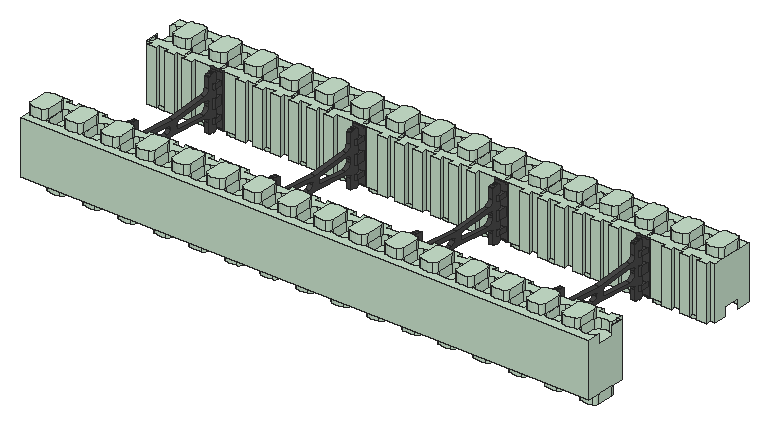
Revit family
Parameters (values of type "152 mm Height Adjuster")
  URL = "www.nudura.com"
  Overall Form Thickness = 285.8 mm
  Model = "152 mm Height Adjuster"
  Manufacturer = "NUDURA Corporation"
  Length = 812.8 mm
  Concrete Core Thickness = 152.4 mm
Reference planes
  plane 1 "Center (Front/Back)": y = 0
  plane 2: z = 0
  plane 3 "Center (Left/Right)": x = 0
Forms (mm)
  Extrusion 1, solid, material "EPS- NUDURA- Foam Panel"
    sketch origin (0, 0.22, 0) x (1, 0, 0) y (0, 1, 0)
      loop
        line (0, 60.325) -> (0, 0) -> (812.8, 0) -> (812.8, 60.325) -> (805.658, 60.325) -> (807.242, 66.675) -> (792.958, 66.675) -> (794.542, 60.325) -> (780.258, 60.325) -> (781.842, 66.675) -> (767.558, 66.675) -> (769.142, 60.325) -> (754.858, 60.325) -> (756.442, 66.675) -> (742.158, 66.675) -> (743.742, 60.325) -> (678.658, 60.325) -> (680.242, 66.675) -> (665.958, 66.675) -> (667.542, 60.325) -> (653.258, 60.325) -> (654.842, 66.675) -> (640.558, 66.675) -> (642.142, 60.325) -> (627.858, 60.325) -> (629.442, 66.675) -> (615.158, 66.675) -> (616.742, 60.325) -> (602.458, 60.325) -> (604.042, 66.675) -> (589.758, 66.675) -> (591.342, 60.325) -> (577.058, 60.325) -> (578.642, 66.675) -> (564.358, 66.675) -> (565.942, 60.325) -> (551.658, 60.325) -> (553.242, 66.675) -> (538.958, 66.675) -> (540.542, 60.325) -> (475.458, 60.325) -> (477.042, 66.675) -> (462.758, 66.675) -> (464.342, 60.325) -> (450.058, 60.325) -> (451.642, 66.675) -> (437.358, 66.675) -> (438.942, 60.325) -> (424.658, 60.325) -> (426.242, 66.675) -> (411.958, 66.675) -> (413.542, 60.325) -> (399.258, 60.325) -> (400.842, 66.675) -> (386.558, 66.675) -> (388.142, 60.325) -> (373.858, 60.325) -> (375.442, 66.675) -> (361.158, 66.675) -> (362.742, 60.325) -> (348.458, 60.325) -> (350.042, 66.675) -> (335.758, 66.675) -> (337.342, 60.325) -> (272.258, 60.325) -> (273.842, 66.675) -> (259.558, 66.675) -> (261.142, 60.325) -> (246.858, 60.325) -> (248.442, 66.675) -> (234.158, 66.675) -> (235.742, 60.325) -> (221.458, 60.325) -> (223.042, 66.675) -> (208.758, 66.675) -> (210.342, 60.325) -> (196.058, 60.325) -> (197.642, 66.675) -> (183.358, 66.675) -> (184.942, 60.325) -> (170.658, 60.325) -> (172.242, 66.675) -> (157.958, 66.675) -> (159.542, 60.325) -> (145.258, 60.325) -> (146.842, 66.675) -> (132.558, 66.675) -> (134.142, 60.325) -> (69.058, 60.325) -> (70.642, 66.675) -> (56.358, 66.675) -> (57.942, 60.325) -> (43.658, 60.325) -> (45.242, 66.675) -> (30.958, 66.675) -> (32.542, 60.325) -> (18.258, 60.325) -> (19.842, 66.675) -> (5.558, 66.675) -> (7.142, 60.325) -> (0, 60.325)
      loop
        line (0, 225.425) -> (7.142, 225.425) -> (5.558, 219.075) -> (19.842, 219.075) -> (18.258, 225.425) -> (32.542, 225.425) -> (30.958, 219.075) -> (45.242, 219.075) -> (43.658, 225.425) -> (57.942, 225.425) -> (56.358, 219.075) -> (70.642, 219.075) -> (69.058, 225.425) -> (134.142, 225.425) -> (132.558, 219.075) -> (146.842, 219.075) -> (145.258, 225.425) -> (159.542, 225.425) -> (157.958, 219.075) -> (172.242, 219.075) -> (170.658, 225.425) -> (184.942, 225.425) -> (183.358, 219.075) -> (197.642, 219.075) -> (196.058, 225.425) -> (210.342, 225.425) -> (208.758, 219.075) -> (223.042, 219.075) -> (221.458, 225.425) -> (235.742, 225.425) -> (234.158, 219.075) -> (248.442, 219.075) -> (246.858, 225.425) -> (261.142, 225.425) -> (259.558, 219.075) -> (273.842, 219.075) -> (272.258, 225.425) -> (337.342, 225.425) -> (335.758, 219.075) -> (350.042, 219.075) -> (348.458, 225.425) -> (362.742, 225.425) -> (361.158, 219.075) -> (375.442, 219.075) -> (373.858, 225.425) -> (388.142, 225.425) -> (386.558, 219.075) -> (400.842, 219.075) -> (399.258, 225.425) -> (413.542, 225.425) -> (411.958, 219.075) -> (426.242, 219.075) -> (424.658, 225.425) -> (438.942, 225.425) -> (437.358, 219.075) -> (451.642, 219.075) -> (450.058, 225.425) -> (464.342, 225.425) -> (462.758, 219.075) -> (477.042, 219.075) -> (475.458, 225.425) -> (540.542, 225.425) -> (538.958, 219.075) -> (553.242, 219.075) -> (551.658, 225.425) -> (565.942, 225.425) -> (564.358, 219.075) -> (578.642, 219.075) -> (577.058, 225.425) -> (591.342, 225.425) -> (589.758, 219.075) -> (604.042, 219.075) -> (602.458, 225.425) -> (616.742, 225.425) -> (615.158, 219.075) -> (629.442, 219.075) -> (627.858, 225.425) -> (642.142, 225.425) -> (640.558, 219.075) -> (654.842, 219.075) -> (653.258, 225.425) -> (667.542, 225.425) -> (665.958, 219.075) -> (680.242, 219.075) -> (678.658, 225.425) -> (743.742, 225.425) -> (742.158, 219.075) -> (756.442, 219.075) -> (754.858, 225.425) -> (769.142, 225.425) -> (767.558, 219.075) -> (781.842, 219.075) -> (780.258, 225.425) -> (794.542, 225.425) -> (792.958, 219.075) -> (807.242, 219.075) -> (805.658, 225.425) -> (812.8, 225.425) -> (812.8, 285.75) -> (0, 285.75) -> (0, 225.425)
    from 0 to 76.2
  Extrusion 2, void
    sketch origin (0, 0.22, 0) x (1, 0, 0) y (0, 1, 0)
      loop
        line (44.346, 56.046) -> (44.346, 50.418)
        arc (44.346, 50.418) -> (43.786, 49.207) -> (42.5, 48.851) r 1.587
        arc (42.5, 48.851) -> (36.091, 49.138) -> (29.796, 47.903) r 26.987
        arc (29.796, 47.903) -> (26.615, 45.597) -> (25.4, 41.861) r 6.35
        line (25.4, 41.861) -> (25.4, 18.464)
        arc (25.4, 18.464) -> (26.615, 14.728) -> (29.796, 12.422) r 6.35
        arc (29.796, 12.422) -> (38.1, 11.112) -> (46.404, 12.422) r 26.987
        arc (46.404, 12.422) -> (49.585, 14.728) -> (50.8, 18.464) r 6.35
        line (50.8, 18.464) -> (50.8, 41.861)
        arc (50.8, 41.861) -> (50.362, 44.179) -> (49.108, 46.177) r 6.35
        arc (49.108, 46.177) -> (48.795, 46.676) -> (48.685, 47.255) r 1.588
        line (48.685, 47.255) -> (48.685, 56.046) -> (44.346, 56.046)
    from 76.2 to 63.5
  Extrusion 3, void
    sketch origin (50.8, 0.22, 0) x (1, 0, 0) y (0, 1, 0)
      loop
        line (44.346, 56.046) -> (44.346, 50.418)
        arc (44.346, 50.418) -> (43.786, 49.207) -> (42.5, 48.851) r 1.587
        arc (42.5, 48.851) -> (36.091, 49.138) -> (29.796, 47.903) r 26.987
        arc (29.796, 47.903) -> (26.615, 45.597) -> (25.4, 41.861) r 6.35
        line (25.4, 41.861) -> (25.4, 18.464)
        arc (25.4, 18.464) -> (26.615, 14.728) -> (29.796, 12.422) r 6.35
        arc (29.796, 12.422) -> (38.1, 11.112) -> (46.404, 12.422) r 26.987
        arc (46.404, 12.422) -> (49.585, 14.728) -> (50.8, 18.464) r 6.35
        line (50.8, 18.464) -> (50.8, 41.861)
        arc (50.8, 41.861) -> (50.362, 44.179) -> (49.108, 46.177) r 6.35
        arc (49.108, 46.177) -> (48.795, 46.676) -> (48.685, 47.255) r 1.588
        line (48.685, 47.255) -> (48.685, 56.046) -> (44.346, 56.046)
    from 76.2 to 63.5
  Extrusion 4, void
    sketch origin (101.6, 0.22, 0) x (1, 0, 0) y (0, 1, 0)
      loop
        line (44.346, 56.046) -> (44.346, 50.418)
        arc (44.346, 50.418) -> (43.786, 49.207) -> (42.5, 48.851) r 1.587
        arc (42.5, 48.851) -> (36.091, 49.138) -> (29.796, 47.903) r 26.987
        arc (29.796, 47.903) -> (26.615, 45.597) -> (25.4, 41.861) r 6.35
        line (25.4, 41.861) -> (25.4, 18.464)
        arc (25.4, 18.464) -> (26.615, 14.728) -> (29.796, 12.422) r 6.35
        arc (29.796, 12.422) -> (38.1, 11.112) -> (46.404, 12.422) r 26.987
        arc (46.404, 12.422) -> (49.585, 14.728) -> (50.8, 18.464) r 6.35
        line (50.8, 18.464) -> (50.8, 41.861)
        arc (50.8, 41.861) -> (50.362, 44.179) -> (49.108, 46.177) r 6.35
        arc (49.108, 46.177) -> (48.795, 46.676) -> (48.685, 47.255) r 1.588
        line (48.685, 47.255) -> (48.685, 56.046) -> (44.346, 56.046)
    from 76.2 to 63.5
  Extrusion 5, void
    sketch origin (152.4, 0.22, 0) x (1, 0, 0) y (0, 1, 0)
      loop
        line (44.346, 56.046) -> (44.346, 50.418)
        arc (44.346, 50.418) -> (43.786, 49.207) -> (42.5, 48.851) r 1.587
        arc (42.5, 48.851) -> (36.091, 49.138) -> (29.796, 47.903) r 26.987
        arc (29.796, 47.903) -> (26.615, 45.597) -> (25.4, 41.861) r 6.35
        line (25.4, 41.861) -> (25.4, 18.464)
        arc (25.4, 18.464) -> (26.615, 14.728) -> (29.796, 12.422) r 6.35
        arc (29.796, 12.422) -> (38.1, 11.112) -> (46.404, 12.422) r 26.987
        arc (46.404, 12.422) -> (49.585, 14.728) -> (50.8, 18.464) r 6.35
        line (50.8, 18.464) -> (50.8, 41.861)
        arc (50.8, 41.861) -> (50.362, 44.179) -> (49.108, 46.177) r 6.35
        arc (49.108, 46.177) -> (48.795, 46.676) -> (48.685, 47.255) r 1.588
        line (48.685, 47.255) -> (48.685, 56.046) -> (44.346, 56.046)
    from 76.2 to 63.5
  Extrusion 6, void
    sketch origin (203.2, 0.22, 0) x (1, 0, 0) y (0, 1, 0)
      loop
        line (44.346, 56.046) -> (44.346, 50.418)
        arc (44.346, 50.418) -> (43.786, 49.207) -> (42.5, 48.851) r 1.587
        arc (42.5, 48.851) -> (36.091, 49.138) -> (29.796, 47.903) r 26.987
        arc (29.796, 47.903) -> (26.615, 45.597) -> (25.4, 41.861) r 6.35
        line (25.4, 41.861) -> (25.4, 18.464)
        arc (25.4, 18.464) -> (26.615, 14.728) -> (29.796, 12.422) r 6.35
        arc (29.796, 12.422) -> (38.1, 11.112) -> (46.404, 12.422) r 26.987
        arc (46.404, 12.422) -> (49.585, 14.728) -> (50.8, 18.464) r 6.35
        line (50.8, 18.464) -> (50.8, 41.861)
        arc (50.8, 41.861) -> (50.362, 44.179) -> (49.108, 46.177) r 6.35
        arc (49.108, 46.177) -> (48.795, 46.676) -> (48.685, 47.255) r 1.588
        line (48.685, 47.255) -> (48.685, 56.046) -> (44.346, 56.046)
    from 76.2 to 63.5
  Extrusion 7, void
    sketch origin (254, 0.22, 0) x (1, 0, 0) y (0, 1, 0)
      loop
        line (44.346, 56.046) -> (44.346, 50.418)
        arc (44.346, 50.418) -> (43.786, 49.207) -> (42.5, 48.851) r 1.587
        arc (42.5, 48.851) -> (36.091, 49.138) -> (29.796, 47.903) r 26.987
        arc (29.796, 47.903) -> (26.615, 45.597) -> (25.4, 41.861) r 6.35
        line (25.4, 41.861) -> (25.4, 18.464)
        arc (25.4, 18.464) -> (26.615, 14.728) -> (29.796, 12.422) r 6.35
        arc (29.796, 12.422) -> (38.1, 11.112) -> (46.404, 12.422) r 26.987
        arc (46.404, 12.422) -> (49.585, 14.728) -> (50.8, 18.464) r 6.35
        line (50.8, 18.464) -> (50.8, 41.861)
        arc (50.8, 41.861) -> (50.362, 44.179) -> (49.108, 46.177) r 6.35
        arc (49.108, 46.177) -> (48.795, 46.676) -> (48.685, 47.255) r 1.588
        line (48.685, 47.255) -> (48.685, 56.046) -> (44.346, 56.046)
    from 76.2 to 63.5
  Extrusion 8, void
    sketch origin (304.8, 0.22, 0) x (1, 0, 0) y (0, 1, 0)
      loop
        line (44.346, 56.046) -> (44.346, 50.418)
        arc (44.346, 50.418) -> (43.786, 49.207) -> (42.5, 48.851) r 1.587
        arc (42.5, 48.851) -> (36.091, 49.138) -> (29.796, 47.903) r 26.987
        arc (29.796, 47.903) -> (26.615, 45.597) -> (25.4, 41.861) r 6.35
        line (25.4, 41.861) -> (25.4, 18.464)
        arc (25.4, 18.464) -> (26.615, 14.728) -> (29.796, 12.422) r 6.35
        arc (29.796, 12.422) -> (38.1, 11.112) -> (46.404, 12.422) r 26.987
        arc (46.404, 12.422) -> (49.585, 14.728) -> (50.8, 18.464) r 6.35
        line (50.8, 18.464) -> (50.8, 41.861)
        arc (50.8, 41.861) -> (50.362, 44.179) -> (49.108, 46.177) r 6.35
        arc (49.108, 46.177) -> (48.795, 46.676) -> (48.685, 47.255) r 1.588
        line (48.685, 47.255) -> (48.685, 56.046) -> (44.346, 56.046)
    from 76.2 to 63.5
  Extrusion 9, void
    sketch origin (355.6, 0.22, 0) x (1, 0, 0) y (0, 1, 0)
      loop
        line (44.346, 56.046) -> (44.346, 50.418)
        arc (44.346, 50.418) -> (43.786, 49.207) -> (42.5, 48.851) r 1.587
        arc (42.5, 48.851) -> (36.091, 49.138) -> (29.796, 47.903) r 26.987
        arc (29.796, 47.903) -> (26.615, 45.597) -> (25.4, 41.861) r 6.35
        line (25.4, 41.861) -> (25.4, 18.464)
        arc (25.4, 18.464) -> (26.615, 14.728) -> (29.796, 12.422) r 6.35
        arc (29.796, 12.422) -> (38.1, 11.112) -> (46.404, 12.422) r 26.987
        arc (46.404, 12.422) -> (49.585, 14.728) -> (50.8, 18.464) r 6.35
        line (50.8, 18.464) -> (50.8, 41.861)
        arc (50.8, 41.861) -> (50.362, 44.179) -> (49.108, 46.177) r 6.35
        arc (49.108, 46.177) -> (48.795, 46.676) -> (48.685, 47.255) r 1.588
        line (48.685, 47.255) -> (48.685, 56.046) -> (44.346, 56.046)
    from 76.2 to 63.5
  Extrusion 10, void
    sketch origin (406.4, 0.22, 0) x (1, 0, 0) y (0, 1, 0)
      loop
        line (44.346, 56.046) -> (44.346, 50.418)
        arc (44.346, 50.418) -> (43.786, 49.207) -> (42.5, 48.851) r 1.587
        arc (42.5, 48.851) -> (36.091, 49.138) -> (29.796, 47.903) r 26.987
        arc (29.796, 47.903) -> (26.615, 45.597) -> (25.4, 41.861) r 6.35
        line (25.4, 41.861) -> (25.4, 18.464)
        arc (25.4, 18.464) -> (26.615, 14.728) -> (29.796, 12.422) r 6.35
        arc (29.796, 12.422) -> (38.1, 11.112) -> (46.404, 12.422) r 26.987
        arc (46.404, 12.422) -> (49.585, 14.728) -> (50.8, 18.464) r 6.35
        line (50.8, 18.464) -> (50.8, 41.861)
        arc (50.8, 41.861) -> (50.362, 44.179) -> (49.108, 46.177) r 6.35
        arc (49.108, 46.177) -> (48.795, 46.676) -> (48.685, 47.255) r 1.588
        line (48.685, 47.255) -> (48.685, 56.046) -> (44.346, 56.046)
    from 76.2 to 63.5
  Extrusion 11, void
    sketch origin (457.2, 0.22, 0) x (1, 0, 0) y (0, 1, 0)
      loop
        line (44.346, 56.046) -> (44.346, 50.418)
        arc (44.346, 50.418) -> (43.786, 49.207) -> (42.5, 48.851) r 1.587
        arc (42.5, 48.851) -> (36.091, 49.138) -> (29.796, 47.903) r 26.987
        arc (29.796, 47.903) -> (26.615, 45.597) -> (25.4, 41.861) r 6.35
        line (25.4, 41.861) -> (25.4, 18.464)
        arc (25.4, 18.464) -> (26.615, 14.728) -> (29.796, 12.422) r 6.35
        arc (29.796, 12.422) -> (38.1, 11.112) -> (46.404, 12.422) r 26.987
        arc (46.404, 12.422) -> (49.585, 14.728) -> (50.8, 18.464) r 6.35
        line (50.8, 18.464) -> (50.8, 41.861)
        arc (50.8, 41.861) -> (50.362, 44.179) -> (49.108, 46.177) r 6.35
        arc (49.108, 46.177) -> (48.795, 46.676) -> (48.685, 47.255) r 1.588
        line (48.685, 47.255) -> (48.685, 56.046) -> (44.346, 56.046)
    from 76.2 to 63.5
  Extrusion 12, void
    sketch origin (508, 0.22, 0) x (1, 0, 0) y (0, 1, 0)
      loop
        line (44.346, 56.046) -> (44.346, 50.418)
        arc (44.346, 50.418) -> (43.786, 49.207) -> (42.5, 48.851) r 1.587
        arc (42.5, 48.851) -> (36.091, 49.138) -> (29.796, 47.903) r 26.987
        arc (29.796, 47.903) -> (26.615, 45.597) -> (25.4, 41.861) r 6.35
        line (25.4, 41.861) -> (25.4, 18.464)
        arc (25.4, 18.464) -> (26.615, 14.728) -> (29.796, 12.422) r 6.35
        arc (29.796, 12.422) -> (38.1, 11.112) -> (46.404, 12.422) r 26.987
        arc (46.404, 12.422) -> (49.585, 14.728) -> (50.8, 18.464) r 6.35
        line (50.8, 18.464) -> (50.8, 41.861)
        arc (50.8, 41.861) -> (50.362, 44.179) -> (49.108, 46.177) r 6.35
        arc (49.108, 46.177) -> (48.795, 46.676) -> (48.685, 47.255) r 1.588
        line (48.685, 47.255) -> (48.685, 56.046) -> (44.346, 56.046)
    from 76.2 to 63.5
  Extrusion 13, void
    sketch origin (558.8, 0.22, 0) x (1, 0, 0) y (0, 1, 0)
      loop
        line (44.346, 56.046) -> (44.346, 50.418)
        arc (44.346, 50.418) -> (43.786, 49.207) -> (42.5, 48.851) r 1.587
        arc (42.5, 48.851) -> (36.091, 49.138) -> (29.796, 47.903) r 26.987
        arc (29.796, 47.903) -> (26.615, 45.597) -> (25.4, 41.861) r 6.35
        line (25.4, 41.861) -> (25.4, 18.464)
        arc (25.4, 18.464) -> (26.615, 14.728) -> (29.796, 12.422) r 6.35
        arc (29.796, 12.422) -> (38.1, 11.112) -> (46.404, 12.422) r 26.987
        arc (46.404, 12.422) -> (49.585, 14.728) -> (50.8, 18.464) r 6.35
        line (50.8, 18.464) -> (50.8, 41.861)
        arc (50.8, 41.861) -> (50.362, 44.179) -> (49.108, 46.177) r 6.35
        arc (49.108, 46.177) -> (48.795, 46.676) -> (48.685, 47.255) r 1.588
        line (48.685, 47.255) -> (48.685, 56.046) -> (44.346, 56.046)
    from 76.2 to 63.5
  Extrusion 14, void
    sketch origin (609.6, 0.22, 0) x (1, 0, 0) y (0, 1, 0)
      loop
        line (44.346, 56.046) -> (44.346, 50.418)
        arc (44.346, 50.418) -> (43.786, 49.207) -> (42.5, 48.851) r 1.587
        arc (42.5, 48.851) -> (36.091, 49.138) -> (29.796, 47.903) r 26.987
        arc (29.796, 47.903) -> (26.615, 45.597) -> (25.4, 41.861) r 6.35
        line (25.4, 41.861) -> (25.4, 18.464)
        arc (25.4, 18.464) -> (26.615, 14.728) -> (29.796, 12.422) r 6.35
        arc (29.796, 12.422) -> (38.1, 11.112) -> (46.404, 12.422) r 26.987
        arc (46.404, 12.422) -> (49.585, 14.728) -> (50.8, 18.464) r 6.35
        line (50.8, 18.464) -> (50.8, 41.861)
        arc (50.8, 41.861) -> (50.362, 44.179) -> (49.108, 46.177) r 6.35
        arc (49.108, 46.177) -> (48.795, 46.676) -> (48.685, 47.255) r 1.588
        line (48.685, 47.255) -> (48.685, 56.046) -> (44.346, 56.046)
    from 76.2 to 63.5
  Extrusion 15, void
    sketch origin (660.4, 0.22, 0) x (1, 0, 0) y (0, 1, 0)
      loop
        line (44.346, 56.046) -> (44.346, 50.418)
        arc (44.346, 50.418) -> (43.786, 49.207) -> (42.5, 48.851) r 1.587
        arc (42.5, 48.851) -> (36.091, 49.138) -> (29.796, 47.903) r 26.987
        arc (29.796, 47.903) -> (26.615, 45.597) -> (25.4, 41.861) r 6.35
        line (25.4, 41.861) -> (25.4, 18.464)
        arc (25.4, 18.464) -> (26.615, 14.728) -> (29.796, 12.422) r 6.35
        arc (29.796, 12.422) -> (38.1, 11.112) -> (46.404, 12.422) r 26.987
        arc (46.404, 12.422) -> (49.585, 14.728) -> (50.8, 18.464) r 6.35
        line (50.8, 18.464) -> (50.8, 41.861)
        arc (50.8, 41.861) -> (50.362, 44.179) -> (49.108, 46.177) r 6.35
        arc (49.108, 46.177) -> (48.795, 46.676) -> (48.685, 47.255) r 1.588
        line (48.685, 47.255) -> (48.685, 56.046) -> (44.346, 56.046)
    from 76.2 to 63.5
  Extrusion 16, void
    sketch origin (711.2, 0.22, 0) x (1, 0, 0) y (0, 1, 0)
      loop
        line (44.346, 56.046) -> (44.346, 50.418)
        arc (44.346, 50.418) -> (43.786, 49.207) -> (42.5, 48.851) r 1.587
        arc (42.5, 48.851) -> (36.091, 49.138) -> (29.796, 47.903) r 26.987
        arc (29.796, 47.903) -> (26.615, 45.597) -> (25.4, 41.861) r 6.35
        line (25.4, 41.861) -> (25.4, 18.464)
        arc (25.4, 18.464) -> (26.615, 14.728) -> (29.796, 12.422) r 6.35
        arc (29.796, 12.422) -> (38.1, 11.112) -> (46.404, 12.422) r 26.987
        arc (46.404, 12.422) -> (49.585, 14.728) -> (50.8, 18.464) r 6.35
        line (50.8, 18.464) -> (50.8, 41.861)
        arc (50.8, 41.861) -> (50.362, 44.179) -> (49.108, 46.177) r 6.35
        arc (49.108, 46.177) -> (48.795, 46.676) -> (48.685, 47.255) r 1.588
        line (48.685, 47.255) -> (48.685, 56.046) -> (44.346, 56.046)
    from 76.2 to 63.5
  Extrusion 17, void
    sketch origin (762, 0.22, 0) x (1, 0, 0) y (0, 1, 0)
      loop
        line (44.346, 56.046) -> (44.346, 50.418)
        arc (44.346, 50.418) -> (43.786, 49.207) -> (42.5, 48.851) r 1.587
        arc (42.5, 48.851) -> (36.091, 49.138) -> (29.796, 47.903) r 26.987
        arc (29.796, 47.903) -> (26.615, 45.597) -> (25.4, 41.861) r 6.35
        line (25.4, 41.861) -> (25.4, 18.464)
        arc (25.4, 18.464) -> (26.615, 14.728) -> (29.796, 12.422) r 6.35
        arc (29.796, 12.422) -> (38.1, 11.112) -> (46.404, 12.422) r 26.987
        arc (46.404, 12.422) -> (49.585, 14.728) -> (50.8, 18.464) r 6.35
        line (50.8, 18.464) -> (50.8, 41.861)
        arc (50.8, 41.861) -> (50.362, 44.179) -> (49.108, 46.177) r 6.35
        arc (49.108, 46.177) -> (48.795, 46.676) -> (48.685, 47.255) r 1.588
        line (48.685, 47.255) -> (48.685, 56.046) -> (44.346, 56.046)
    from 76.2 to 63.5
  Extrusion 18, void
    sketch origin (0, 0.22, 0) x (1, 0, 0) y (0, 1, 0)
      loop
        line (6.454, 56.046) -> (2.115, 56.046) -> (2.115, 47.255)
        arc (2.115, 47.255) -> (2.005, 46.676) -> (1.692, 46.177) r 1.588
        arc (1.692, 46.177) -> (0.438, 44.179) -> (0, 41.861) r 6.35
        line (0, 41.861) -> (0, 18.464)
        arc (0, 18.464) -> (1.215, 14.728) -> (4.396, 12.422) r 6.35
        arc (4.396, 12.422) -> (12.7, 11.112) -> (21.004, 12.422) r 26.987
        arc (21.004, 12.422) -> (24.185, 14.728) -> (25.4, 18.464) r 6.35
        line (25.4, 18.464) -> (25.4, 41.861)
        arc (25.4, 41.861) -> (24.185, 45.597) -> (21.004, 47.903) r 6.35
        arc (21.004, 47.903) -> (14.709, 49.138) -> (8.3, 48.851) r 26.987
        arc (8.3, 48.851) -> (7.014, 49.207) -> (6.454, 50.418) r 1.587
        line (6.454, 50.418) -> (6.454, 56.046)
    from 0 to 12.7
  Extrusion 19, void
    sketch origin (50.8, 0.22, 0) x (1, 0, 0) y (0, 1, 0)
      loop
        line (6.454, 56.046) -> (2.115, 56.046) -> (2.115, 47.255)
        arc (2.115, 47.255) -> (2.005, 46.676) -> (1.692, 46.177) r 1.588
        arc (1.692, 46.177) -> (0.438, 44.179) -> (0, 41.861) r 6.35
        line (0, 41.861) -> (0, 18.464)
        arc (0, 18.464) -> (1.215, 14.728) -> (4.396, 12.422) r 6.35
        arc (4.396, 12.422) -> (12.7, 11.112) -> (21.004, 12.422) r 26.987
        arc (21.004, 12.422) -> (24.185, 14.728) -> (25.4, 18.464) r 6.35
        line (25.4, 18.464) -> (25.4, 41.861)
        arc (25.4, 41.861) -> (24.185, 45.597) -> (21.004, 47.903) r 6.35
        arc (21.004, 47.903) -> (14.709, 49.138) -> (8.3, 48.851) r 26.987
        arc (8.3, 48.851) -> (7.014, 49.207) -> (6.454, 50.418) r 1.587
        line (6.454, 50.418) -> (6.454, 56.046)
    from 0 to 12.7
  Extrusion 20, void
    sketch origin (101.6, 0.22, 0) x (1, 0, 0) y (0, 1, 0)
      loop
        line (6.454, 56.046) -> (2.115, 56.046) -> (2.115, 47.255)
        arc (2.115, 47.255) -> (2.005, 46.676) -> (1.692, 46.177) r 1.588
        arc (1.692, 46.177) -> (0.438, 44.179) -> (0, 41.861) r 6.35
        line (0, 41.861) -> (0, 18.464)
        arc (0, 18.464) -> (1.215, 14.728) -> (4.396, 12.422) r 6.35
        arc (4.396, 12.422) -> (12.7, 11.112) -> (21.004, 12.422) r 26.987
        arc (21.004, 12.422) -> (24.185, 14.728) -> (25.4, 18.464) r 6.35
        line (25.4, 18.464) -> (25.4, 41.861)
        arc (25.4, 41.861) -> (24.185, 45.597) -> (21.004, 47.903) r 6.35
        arc (21.004, 47.903) -> (14.709, 49.138) -> (8.3, 48.851) r 26.987
        arc (8.3, 48.851) -> (7.014, 49.207) -> (6.454, 50.418) r 1.587
        line (6.454, 50.418) -> (6.454, 56.046)
    from 0 to 12.7
  Extrusion 21, void
    sketch origin (152.4, 0.22, 0) x (1, 0, 0) y (0, 1, 0)
      loop
        line (6.454, 56.046) -> (2.115, 56.046) -> (2.115, 47.255)
        arc (2.115, 47.255) -> (2.005, 46.676) -> (1.692, 46.177) r 1.588
        arc (1.692, 46.177) -> (0.438, 44.179) -> (0, 41.861) r 6.35
        line (0, 41.861) -> (0, 18.464)
        arc (0, 18.464) -> (1.215, 14.728) -> (4.396, 12.422) r 6.35
        arc (4.396, 12.422) -> (12.7, 11.112) -> (21.004, 12.422) r 26.987
        arc (21.004, 12.422) -> (24.185, 14.728) -> (25.4, 18.464) r 6.35
        line (25.4, 18.464) -> (25.4, 41.861)
        arc (25.4, 41.861) -> (24.185, 45.597) -> (21.004, 47.903) r 6.35
        arc (21.004, 47.903) -> (14.709, 49.138) -> (8.3, 48.851) r 26.987
        arc (8.3, 48.851) -> (7.014, 49.207) -> (6.454, 50.418) r 1.587
        line (6.454, 50.418) -> (6.454, 56.046)
    from 0 to 12.7
  Extrusion 22, void
    sketch origin (203.2, 0.22, 0) x (1, 0, 0) y (0, 1, 0)
      loop
        line (6.454, 56.046) -> (2.115, 56.046) -> (2.115, 47.255)
        arc (2.115, 47.255) -> (2.005, 46.676) -> (1.692, 46.177) r 1.588
        arc (1.692, 46.177) -> (0.438, 44.179) -> (0, 41.861) r 6.35
        line (0, 41.861) -> (0, 18.464)
        arc (0, 18.464) -> (1.215, 14.728) -> (4.396, 12.422) r 6.35
        arc (4.396, 12.422) -> (12.7, 11.112) -> (21.004, 12.422) r 26.987
        arc (21.004, 12.422) -> (24.185, 14.728) -> (25.4, 18.464) r 6.35
        line (25.4, 18.464) -> (25.4, 41.861)
        arc (25.4, 41.861) -> (24.185, 45.597) -> (21.004, 47.903) r 6.35
        arc (21.004, 47.903) -> (14.709, 49.138) -> (8.3, 48.851) r 26.987
        arc (8.3, 48.851) -> (7.014, 49.207) -> (6.454, 50.418) r 1.587
        line (6.454, 50.418) -> (6.454, 56.046)
    from 0 to 12.7
  Extrusion 23, void
    sketch origin (254, 0.22, 0) x (1, 0, 0) y (0, 1, 0)
      loop
        line (6.454, 56.046) -> (2.115, 56.046) -> (2.115, 47.255)
        arc (2.115, 47.255) -> (2.005, 46.676) -> (1.692, 46.177) r 1.588
        arc (1.692, 46.177) -> (0.438, 44.179) -> (0, 41.861) r 6.35
        line (0, 41.861) -> (0, 18.464)
        arc (0, 18.464) -> (1.215, 14.728) -> (4.396, 12.422) r 6.35
        arc (4.396, 12.422) -> (12.7, 11.112) -> (21.004, 12.422) r 26.987
        arc (21.004, 12.422) -> (24.185, 14.728) -> (25.4, 18.464) r 6.35
        line (25.4, 18.464) -> (25.4, 41.861)
        arc (25.4, 41.861) -> (24.185, 45.597) -> (21.004, 47.903) r 6.35
        arc (21.004, 47.903) -> (14.709, 49.138) -> (8.3, 48.851) r 26.987
        arc (8.3, 48.851) -> (7.014, 49.207) -> (6.454, 50.418) r 1.587
        line (6.454, 50.418) -> (6.454, 56.046)
    from 0 to 12.7
  Extrusion 24, void
    sketch origin (304.8, 0.22, 0) x (1, 0, 0) y (0, 1, 0)
      loop
        line (6.454, 56.046) -> (2.115, 56.046) -> (2.115, 47.255)
        arc (2.115, 47.255) -> (2.005, 46.676) -> (1.692, 46.177) r 1.588
        arc (1.692, 46.177) -> (0.438, 44.179) -> (0, 41.861) r 6.35
        line (0, 41.861) -> (0, 18.464)
        arc (0, 18.464) -> (1.215, 14.728) -> (4.396, 12.422) r 6.35
        arc (4.396, 12.422) -> (12.7, 11.112) -> (21.004, 12.422) r 26.987
        arc (21.004, 12.422) -> (24.185, 14.728) -> (25.4, 18.464) r 6.35
        line (25.4, 18.464) -> (25.4, 41.861)
        arc (25.4, 41.861) -> (24.185, 45.597) -> (21.004, 47.903) r 6.35
        arc (21.004, 47.903) -> (14.709, 49.138) -> (8.3, 48.851) r 26.987
        arc (8.3, 48.851) -> (7.014, 49.207) -> (6.454, 50.418) r 1.587
        line (6.454, 50.418) -> (6.454, 56.046)
    from 0 to 12.7
  Extrusion 25, void
    sketch origin (355.6, 0.22, 0) x (1, 0, 0) y (0, 1, 0)
      loop
        line (6.454, 56.046) -> (2.115, 56.046) -> (2.115, 47.255)
        arc (2.115, 47.255) -> (2.005, 46.676) -> (1.692, 46.177) r 1.588
        arc (1.692, 46.177) -> (0.438, 44.179) -> (0, 41.861) r 6.35
        line (0, 41.861) -> (0, 18.464)
        arc (0, 18.464) -> (1.215, 14.728) -> (4.396, 12.422) r 6.35
        arc (4.396, 12.422) -> (12.7, 11.112) -> (21.004, 12.422) r 26.987
        arc (21.004, 12.422) -> (24.185, 14.728) -> (25.4, 18.464) r 6.35
        line (25.4, 18.464) -> (25.4, 41.861)
        arc (25.4, 41.861) -> (24.185, 45.597) -> (21.004, 47.903) r 6.35
        arc (21.004, 47.903) -> (14.709, 49.138) -> (8.3, 48.851) r 26.987
        arc (8.3, 48.851) -> (7.014, 49.207) -> (6.454, 50.418) r 1.587
        line (6.454, 50.418) -> (6.454, 56.046)
    from 0 to 12.7
  Extrusion 26, void
    sketch origin (406.4, 0.22, 0) x (1, 0, 0) y (0, 1, 0)
      loop
        line (6.454, 56.046) -> (2.115, 56.046) -> (2.115, 47.255)
        arc (2.115, 47.255) -> (2.005, 46.676) -> (1.692, 46.177) r 1.588
        arc (1.692, 46.177) -> (0.438, 44.179) -> (0, 41.861) r 6.35
        line (0, 41.861) -> (0, 18.464)
        arc (0, 18.464) -> (1.215, 14.728) -> (4.396, 12.422) r 6.35
        arc (4.396, 12.422) -> (12.7, 11.112) -> (21.004, 12.422) r 26.987
        arc (21.004, 12.422) -> (24.185, 14.728) -> (25.4, 18.464) r 6.35
        line (25.4, 18.464) -> (25.4, 41.861)
        arc (25.4, 41.861) -> (24.185, 45.597) -> (21.004, 47.903) r 6.35
        arc (21.004, 47.903) -> (14.709, 49.138) -> (8.3, 48.851) r 26.987
        arc (8.3, 48.851) -> (7.014, 49.207) -> (6.454, 50.418) r 1.587
        line (6.454, 50.418) -> (6.454, 56.046)
    from 0 to 12.7
  Extrusion 27, void
    sketch origin (457.2, 0.22, 0) x (1, 0, 0) y (0, 1, 0)
      loop
        line (6.454, 56.046) -> (2.115, 56.046) -> (2.115, 47.255)
        arc (2.115, 47.255) -> (2.005, 46.676) -> (1.692, 46.177) r 1.588
        arc (1.692, 46.177) -> (0.438, 44.179) -> (0, 41.861) r 6.35
        line (0, 41.861) -> (0, 18.464)
        arc (0, 18.464) -> (1.215, 14.728) -> (4.396, 12.422) r 6.35
        arc (4.396, 12.422) -> (12.7, 11.112) -> (21.004, 12.422) r 26.987
        arc (21.004, 12.422) -> (24.185, 14.728) -> (25.4, 18.464) r 6.35
        line (25.4, 18.464) -> (25.4, 41.861)
        arc (25.4, 41.861) -> (24.185, 45.597) -> (21.004, 47.903) r 6.35
        arc (21.004, 47.903) -> (14.709, 49.138) -> (8.3, 48.851) r 26.987
        arc (8.3, 48.851) -> (7.014, 49.207) -> (6.454, 50.418) r 1.587
        line (6.454, 50.418) -> (6.454, 56.046)
    from 0 to 12.7
  Extrusion 28, void
    sketch origin (508, 0.22, 0) x (1, 0, 0) y (0, 1, 0)
      loop
        line (6.454, 56.046) -> (2.115, 56.046) -> (2.115, 47.255)
        arc (2.115, 47.255) -> (2.005, 46.676) -> (1.692, 46.177) r 1.588
        arc (1.692, 46.177) -> (0.438, 44.179) -> (0, 41.861) r 6.35
        line (0, 41.861) -> (0, 18.464)
        arc (0, 18.464) -> (1.215, 14.728) -> (4.396, 12.422) r 6.35
        arc (4.396, 12.422) -> (12.7, 11.112) -> (21.004, 12.422) r 26.987
        arc (21.004, 12.422) -> (24.185, 14.728) -> (25.4, 18.464) r 6.35
        line (25.4, 18.464) -> (25.4, 41.861)
        arc (25.4, 41.861) -> (24.185, 45.597) -> (21.004, 47.903) r 6.35
        arc (21.004, 47.903) -> (14.709, 49.138) -> (8.3, 48.851) r 26.987
        arc (8.3, 48.851) -> (7.014, 49.207) -> (6.454, 50.418) r 1.587
        line (6.454, 50.418) -> (6.454, 56.046)
    from 0 to 12.7
  Extrusion 29, void
    sketch origin (558.8, 0.22, 0) x (1, 0, 0) y (0, 1, 0)
      loop
        line (6.454, 56.046) -> (2.115, 56.046) -> (2.115, 47.255)
        arc (2.115, 47.255) -> (2.005, 46.676) -> (1.692, 46.177) r 1.588
        arc (1.692, 46.177) -> (0.438, 44.179) -> (0, 41.861) r 6.35
        line (0, 41.861) -> (0, 18.464)
        arc (0, 18.464) -> (1.215, 14.728) -> (4.396, 12.422) r 6.35
        arc (4.396, 12.422) -> (12.7, 11.112) -> (21.004, 12.422) r 26.987
        arc (21.004, 12.422) -> (24.185, 14.728) -> (25.4, 18.464) r 6.35
        line (25.4, 18.464) -> (25.4, 41.861)
        arc (25.4, 41.861) -> (24.185, 45.597) -> (21.004, 47.903) r 6.35
        arc (21.004, 47.903) -> (14.709, 49.138) -> (8.3, 48.851) r 26.987
        arc (8.3, 48.851) -> (7.014, 49.207) -> (6.454, 50.418) r 1.587
        line (6.454, 50.418) -> (6.454, 56.046)
    from 0 to 12.7
  Extrusion 30, void
    sketch origin (609.6, 0.22, 0) x (1, 0, 0) y (0, 1, 0)
      loop
        line (6.454, 56.046) -> (2.115, 56.046) -> (2.115, 47.255)
        arc (2.115, 47.255) -> (2.005, 46.676) -> (1.692, 46.177) r 1.588
        arc (1.692, 46.177) -> (0.438, 44.179) -> (0, 41.861) r 6.35
        line (0, 41.861) -> (0, 18.464)
        arc (0, 18.464) -> (1.215, 14.728) -> (4.396, 12.422) r 6.35
        arc (4.396, 12.422) -> (12.7, 11.112) -> (21.004, 12.422) r 26.987
        arc (21.004, 12.422) -> (24.185, 14.728) -> (25.4, 18.464) r 6.35
        line (25.4, 18.464) -> (25.4, 41.861)
        arc (25.4, 41.861) -> (24.185, 45.597) -> (21.004, 47.903) r 6.35
        arc (21.004, 47.903) -> (14.709, 49.138) -> (8.3, 48.851) r 26.987
        arc (8.3, 48.851) -> (7.014, 49.207) -> (6.454, 50.418) r 1.587
        line (6.454, 50.418) -> (6.454, 56.046)
    from 0 to 12.7
  Extrusion 31, void
    sketch origin (660.4, 0.22, 0) x (1, 0, 0) y (0, 1, 0)
      loop
        line (6.454, 56.046) -> (2.115, 56.046) -> (2.115, 47.255)
        arc (2.115, 47.255) -> (2.005, 46.676) -> (1.692, 46.177) r 1.588
        arc (1.692, 46.177) -> (0.438, 44.179) -> (0, 41.861) r 6.35
        line (0, 41.861) -> (0, 18.464)
        arc (0, 18.464) -> (1.215, 14.728) -> (4.396, 12.422) r 6.35
        arc (4.396, 12.422) -> (12.7, 11.112) -> (21.004, 12.422) r 26.987
        arc (21.004, 12.422) -> (24.185, 14.728) -> (25.4, 18.464) r 6.35
        line (25.4, 18.464) -> (25.4, 41.861)
        arc (25.4, 41.861) -> (24.185, 45.597) -> (21.004, 47.903) r 6.35
        arc (21.004, 47.903) -> (14.709, 49.138) -> (8.3, 48.851) r 26.987
        arc (8.3, 48.851) -> (7.014, 49.207) -> (6.454, 50.418) r 1.587
        line (6.454, 50.418) -> (6.454, 56.046)
    from 0 to 12.7
  Extrusion 32, void
    sketch origin (711.2, 0.22, 0) x (1, 0, 0) y (0, 1, 0)
      loop
        line (6.454, 56.046) -> (2.115, 56.046) -> (2.115, 47.255)
        arc (2.115, 47.255) -> (2.005, 46.676) -> (1.692, 46.177) r 1.588
        arc (1.692, 46.177) -> (0.438, 44.179) -> (0, 41.861) r 6.35
        line (0, 41.861) -> (0, 18.464)
        arc (0, 18.464) -> (1.215, 14.728) -> (4.396, 12.422) r 6.35
        arc (4.396, 12.422) -> (12.7, 11.112) -> (21.004, 12.422) r 26.987
        arc (21.004, 12.422) -> (24.185, 14.728) -> (25.4, 18.464) r 6.35
        line (25.4, 18.464) -> (25.4, 41.861)
        arc (25.4, 41.861) -> (24.185, 45.597) -> (21.004, 47.903) r 6.35
        arc (21.004, 47.903) -> (14.709, 49.138) -> (8.3, 48.851) r 26.987
        arc (8.3, 48.851) -> (7.014, 49.207) -> (6.454, 50.418) r 1.587
        line (6.454, 50.418) -> (6.454, 56.046)
    from 0 to 12.7
  Extrusion 33, void
    sketch origin (762, 0.22, 0) x (1, 0, 0) y (0, 1, 0)
      loop
        line (6.454, 56.046) -> (2.115, 56.046) -> (2.115, 47.255)
        arc (2.115, 47.255) -> (2.005, 46.676) -> (1.692, 46.177) r 1.588
        arc (1.692, 46.177) -> (0.438, 44.179) -> (0, 41.861) r 6.35
        line (0, 41.861) -> (0, 18.464)
        arc (0, 18.464) -> (1.215, 14.728) -> (4.396, 12.422) r 6.35
        arc (4.396, 12.422) -> (12.7, 11.112) -> (21.004, 12.422) r 26.987
        arc (21.004, 12.422) -> (24.185, 14.728) -> (25.4, 18.464) r 6.35
        line (25.4, 18.464) -> (25.4, 41.861)
        arc (25.4, 41.861) -> (24.185, 45.597) -> (21.004, 47.903) r 6.35
        arc (21.004, 47.903) -> (14.709, 49.138) -> (8.3, 48.851) r 26.987
        arc (8.3, 48.851) -> (7.014, 49.207) -> (6.454, 50.418) r 1.587
        line (6.454, 50.418) -> (6.454, 56.046)
    from 0 to 12.7
  Extrusion 34, void
    sketch origin (812.8, 285.97, 0) x (-1, 0, 0) y (0, -1, 0)
      loop
        line (44.346, 56.046) -> (44.346, 50.418)
        arc (44.346, 50.418) -> (43.786, 49.207) -> (42.5, 48.851) r 1.587
        arc (42.5, 48.851) -> (36.091, 49.138) -> (29.796, 47.903) r 26.987
        arc (29.796, 47.903) -> (26.615, 45.597) -> (25.4, 41.861) r 6.35
        line (25.4, 41.861) -> (25.4, 18.464)
        arc (25.4, 18.464) -> (26.615, 14.728) -> (29.796, 12.422) r 6.35
        arc (29.796, 12.422) -> (38.1, 11.112) -> (46.404, 12.422) r 26.987
        arc (46.404, 12.422) -> (49.585, 14.728) -> (50.8, 18.464) r 6.35
        line (50.8, 18.464) -> (50.8, 41.861)
        arc (50.8, 41.861) -> (50.362, 44.179) -> (49.108, 46.177) r 6.35
        arc (49.108, 46.177) -> (48.795, 46.676) -> (48.685, 47.255) r 1.588
        line (48.685, 47.255) -> (48.685, 56.046) -> (44.346, 56.046)
    from 76.2 to 63.5
  Extrusion 35, void
    sketch origin (762, 285.97, 0) x (-1, 0, 0) y (0, -1, 0)
      loop
        line (44.346, 56.046) -> (44.346, 50.418)
        arc (44.346, 50.418) -> (43.786, 49.207) -> (42.5, 48.851) r 1.587
        arc (42.5, 48.851) -> (36.091, 49.138) -> (29.796, 47.903) r 26.987
        arc (29.796, 47.903) -> (26.615, 45.597) -> (25.4, 41.861) r 6.35
        line (25.4, 41.861) -> (25.4, 18.464)
        arc (25.4, 18.464) -> (26.615, 14.728) -> (29.796, 12.422) r 6.35
        arc (29.796, 12.422) -> (38.1, 11.112) -> (46.404, 12.422) r 26.987
        arc (46.404, 12.422) -> (49.585, 14.728) -> (50.8, 18.464) r 6.35
        line (50.8, 18.464) -> (50.8, 41.861)
        arc (50.8, 41.861) -> (50.362, 44.179) -> (49.108, 46.177) r 6.35
        arc (49.108, 46.177) -> (48.795, 46.676) -> (48.685, 47.255) r 1.588
        line (48.685, 47.255) -> (48.685, 56.046) -> (44.346, 56.046)
    from 76.2 to 63.5
  Extrusion 36, void
    sketch origin (711.2, 285.97, 0) x (-1, 0, 0) y (0, -1, 0)
      loop
        line (44.346, 56.046) -> (44.346, 50.418)
        arc (44.346, 50.418) -> (43.786, 49.207) -> (42.5, 48.851) r 1.587
        arc (42.5, 48.851) -> (36.091, 49.138) -> (29.796, 47.903) r 26.987
        arc (29.796, 47.903) -> (26.615, 45.597) -> (25.4, 41.861) r 6.35
        line (25.4, 41.861) -> (25.4, 18.464)
        arc (25.4, 18.464) -> (26.615, 14.728) -> (29.796, 12.422) r 6.35
        arc (29.796, 12.422) -> (38.1, 11.112) -> (46.404, 12.422) r 26.987
        arc (46.404, 12.422) -> (49.585, 14.728) -> (50.8, 18.464) r 6.35
        line (50.8, 18.464) -> (50.8, 41.861)
        arc (50.8, 41.861) -> (50.362, 44.179) -> (49.108, 46.177) r 6.35
        arc (49.108, 46.177) -> (48.795, 46.676) -> (48.685, 47.255) r 1.588
        line (48.685, 47.255) -> (48.685, 56.046) -> (44.346, 56.046)
    from 76.2 to 63.5
  Extrusion 37, void
    sketch origin (660.4, 285.97, 0) x (-1, 0, 0) y (0, -1, 0)
      loop
        line (44.346, 56.046) -> (44.346, 50.418)
        arc (44.346, 50.418) -> (43.786, 49.207) -> (42.5, 48.851) r 1.587
        arc (42.5, 48.851) -> (36.091, 49.138) -> (29.796, 47.903) r 26.987
        arc (29.796, 47.903) -> (26.615, 45.597) -> (25.4, 41.861) r 6.35
        line (25.4, 41.861) -> (25.4, 18.464)
        arc (25.4, 18.464) -> (26.615, 14.728) -> (29.796, 12.422) r 6.35
        arc (29.796, 12.422) -> (38.1, 11.112) -> (46.404, 12.422) r 26.987
        arc (46.404, 12.422) -> (49.585, 14.728) -> (50.8, 18.464) r 6.35
        line (50.8, 18.464) -> (50.8, 41.861)
        arc (50.8, 41.861) -> (50.362, 44.179) -> (49.108, 46.177) r 6.35
        arc (49.108, 46.177) -> (48.795, 46.676) -> (48.685, 47.255) r 1.588
        line (48.685, 47.255) -> (48.685, 56.046) -> (44.346, 56.046)
    from 76.2 to 63.5
  Extrusion 38, void
    sketch origin (609.6, 285.97, 0) x (-1, 0, 0) y (0, -1, 0)
      loop
        line (44.346, 56.046) -> (44.346, 50.418)
        arc (44.346, 50.418) -> (43.786, 49.207) -> (42.5, 48.851) r 1.587
        arc (42.5, 48.851) -> (36.091, 49.138) -> (29.796, 47.903) r 26.987
        arc (29.796, 47.903) -> (26.615, 45.597) -> (25.4, 41.861) r 6.35
        line (25.4, 41.861) -> (25.4, 18.464)
        arc (25.4, 18.464) -> (26.615, 14.728) -> (29.796, 12.422) r 6.35
        arc (29.796, 12.422) -> (38.1, 11.112) -> (46.404, 12.422) r 26.987
        arc (46.404, 12.422) -> (49.585, 14.728) -> (50.8, 18.464) r 6.35
        line (50.8, 18.464) -> (50.8, 41.861)
        arc (50.8, 41.861) -> (50.362, 44.179) -> (49.108, 46.177) r 6.35
        arc (49.108, 46.177) -> (48.795, 46.676) -> (48.685, 47.255) r 1.588
        line (48.685, 47.255) -> (48.685, 56.046) -> (44.346, 56.046)
    from 76.2 to 63.5
  Extrusion 39, void
    sketch origin (558.8, 285.97, 0) x (-1, 0, 0) y (0, -1, 0)
      loop
        line (44.346, 56.046) -> (44.346, 50.418)
        arc (44.346, 50.418) -> (43.786, 49.207) -> (42.5, 48.851) r 1.587
        arc (42.5, 48.851) -> (36.091, 49.138) -> (29.796, 47.903) r 26.987
        arc (29.796, 47.903) -> (26.615, 45.597) -> (25.4, 41.861) r 6.35
        line (25.4, 41.861) -> (25.4, 18.464)
        arc (25.4, 18.464) -> (26.615, 14.728) -> (29.796, 12.422) r 6.35
        arc (29.796, 12.422) -> (38.1, 11.112) -> (46.404, 12.422) r 26.987
        arc (46.404, 12.422) -> (49.585, 14.728) -> (50.8, 18.464) r 6.35
        line (50.8, 18.464) -> (50.8, 41.861)
        arc (50.8, 41.861) -> (50.362, 44.179) -> (49.108, 46.177) r 6.35
        arc (49.108, 46.177) -> (48.795, 46.676) -> (48.685, 47.255) r 1.588
        line (48.685, 47.255) -> (48.685, 56.046) -> (44.346, 56.046)
    from 76.2 to 63.5
  Extrusion 40, void
    sketch origin (508, 285.97, 0) x (-1, 0, 0) y (0, -1, 0)
      loop
        line (44.346, 56.046) -> (44.346, 50.418)
        arc (44.346, 50.418) -> (43.786, 49.207) -> (42.5, 48.851) r 1.587
        arc (42.5, 48.851) -> (36.091, 49.138) -> (29.796, 47.903) r 26.987
        arc (29.796, 47.903) -> (26.615, 45.597) -> (25.4, 41.861) r 6.35
        line (25.4, 41.861) -> (25.4, 18.464)
        arc (25.4, 18.464) -> (26.615, 14.728) -> (29.796, 12.422) r 6.35
        arc (29.796, 12.422) -> (38.1, 11.112) -> (46.404, 12.422) r 26.987
        arc (46.404, 12.422) -> (49.585, 14.728) -> (50.8, 18.464) r 6.35
        line (50.8, 18.464) -> (50.8, 41.861)
        arc (50.8, 41.861) -> (50.362, 44.179) -> (49.108, 46.177) r 6.35
        arc (49.108, 46.177) -> (48.795, 46.676) -> (48.685, 47.255) r 1.588
        line (48.685, 47.255) -> (48.685, 56.046) -> (44.346, 56.046)
    from 76.2 to 63.5
  Extrusion 41, void
    sketch origin (457.2, 285.97, 0) x (-1, 0, 0) y (0, -1, 0)
      loop
        line (44.346, 56.046) -> (44.346, 50.418)
        arc (44.346, 50.418) -> (43.786, 49.207) -> (42.5, 48.851) r 1.587
        arc (42.5, 48.851) -> (36.091, 49.138) -> (29.796, 47.903) r 26.987
        arc (29.796, 47.903) -> (26.615, 45.597) -> (25.4, 41.861) r 6.35
        line (25.4, 41.861) -> (25.4, 18.464)
        arc (25.4, 18.464) -> (26.615, 14.728) -> (29.796, 12.422) r 6.35
        arc (29.796, 12.422) -> (38.1, 11.112) -> (46.404, 12.422) r 26.987
        arc (46.404, 12.422) -> (49.585, 14.728) -> (50.8, 18.464) r 6.35
        line (50.8, 18.464) -> (50.8, 41.861)
        arc (50.8, 41.861) -> (50.362, 44.179) -> (49.108, 46.177) r 6.35
        arc (49.108, 46.177) -> (48.795, 46.676) -> (48.685, 47.255) r 1.588
        line (48.685, 47.255) -> (48.685, 56.046) -> (44.346, 56.046)
    from 76.2 to 63.5
  Extrusion 42, void
    sketch origin (406.4, 285.97, 0) x (-1, 0, 0) y (0, -1, 0)
      loop
        line (44.346, 56.046) -> (44.346, 50.418)
        arc (44.346, 50.418) -> (43.786, 49.207) -> (42.5, 48.851) r 1.587
        arc (42.5, 48.851) -> (36.091, 49.138) -> (29.796, 47.903) r 26.987
        arc (29.796, 47.903) -> (26.615, 45.597) -> (25.4, 41.861) r 6.35
        line (25.4, 41.861) -> (25.4, 18.464)
        arc (25.4, 18.464) -> (26.615, 14.728) -> (29.796, 12.422) r 6.35
        arc (29.796, 12.422) -> (38.1, 11.112) -> (46.404, 12.422) r 26.987
        arc (46.404, 12.422) -> (49.585, 14.728) -> (50.8, 18.464) r 6.35
        line (50.8, 18.464) -> (50.8, 41.861)
        arc (50.8, 41.861) -> (50.362, 44.179) -> (49.108, 46.177) r 6.35
        arc (49.108, 46.177) -> (48.795, 46.676) -> (48.685, 47.255) r 1.588
        line (48.685, 47.255) -> (48.685, 56.046) -> (44.346, 56.046)
    from 76.2 to 63.5
  Extrusion 43, void
    sketch origin (355.6, 285.97, 0) x (-1, 0, 0) y (0, -1, 0)
      loop
        line (44.346, 56.046) -> (44.346, 50.418)
        arc (44.346, 50.418) -> (43.786, 49.207) -> (42.5, 48.851) r 1.587
        arc (42.5, 48.851) -> (36.091, 49.138) -> (29.796, 47.903) r 26.987
        arc (29.796, 47.903) -> (26.615, 45.597) -> (25.4, 41.861) r 6.35
        line (25.4, 41.861) -> (25.4, 18.464)
        arc (25.4, 18.464) -> (26.615, 14.728) -> (29.796, 12.422) r 6.35
        arc (29.796, 12.422) -> (38.1, 11.112) -> (46.404, 12.422) r 26.987
        arc (46.404, 12.422) -> (49.585, 14.728) -> (50.8, 18.464) r 6.35
        line (50.8, 18.464) -> (50.8, 41.861)
        arc (50.8, 41.861) -> (50.362, 44.179) -> (49.108, 46.177) r 6.35
        arc (49.108, 46.177) -> (48.795, 46.676) -> (48.685, 47.255) r 1.588
        line (48.685, 47.255) -> (48.685, 56.046) -> (44.346, 56.046)
    from 76.2 to 63.5
  Extrusion 44, void
    sketch origin (304.8, 285.97, 0) x (-1, 0, 0) y (0, -1, 0)
      loop
        line (44.346, 56.046) -> (44.346, 50.418)
        arc (44.346, 50.418) -> (43.786, 49.207) -> (42.5, 48.851) r 1.587
        arc (42.5, 48.851) -> (36.091, 49.138) -> (29.796, 47.903) r 26.987
        arc (29.796, 47.903) -> (26.615, 45.597) -> (25.4, 41.861) r 6.35
        line (25.4, 41.861) -> (25.4, 18.464)
        arc (25.4, 18.464) -> (26.615, 14.728) -> (29.796, 12.422) r 6.35
        arc (29.796, 12.422) -> (38.1, 11.112) -> (46.404, 12.422) r 26.987
        arc (46.404, 12.422) -> (49.585, 14.728) -> (50.8, 18.464) r 6.35
        line (50.8, 18.464) -> (50.8, 41.861)
        arc (50.8, 41.861) -> (50.362, 44.179) -> (49.108, 46.177) r 6.35
        arc (49.108, 46.177) -> (48.795, 46.676) -> (48.685, 47.255) r 1.588
        line (48.685, 47.255) -> (48.685, 56.046) -> (44.346, 56.046)
    from 76.2 to 63.5
  Extrusion 45, void
    sketch origin (254, 285.97, 0) x (-1, 0, 0) y (0, -1, 0)
      loop
        line (44.346, 56.046) -> (44.346, 50.418)
        arc (44.346, 50.418) -> (43.786, 49.207) -> (42.5, 48.851) r 1.587
        arc (42.5, 48.851) -> (36.091, 49.138) -> (29.796, 47.903) r 26.987
        arc (29.796, 47.903) -> (26.615, 45.597) -> (25.4, 41.861) r 6.35
        line (25.4, 41.861) -> (25.4, 18.464)
        arc (25.4, 18.464) -> (26.615, 14.728) -> (29.796, 12.422) r 6.35
        arc (29.796, 12.422) -> (38.1, 11.112) -> (46.404, 12.422) r 26.987
        arc (46.404, 12.422) -> (49.585, 14.728) -> (50.8, 18.464) r 6.35
        line (50.8, 18.464) -> (50.8, 41.861)
        arc (50.8, 41.861) -> (50.362, 44.179) -> (49.108, 46.177) r 6.35
        arc (49.108, 46.177) -> (48.795, 46.676) -> (48.685, 47.255) r 1.588
        line (48.685, 47.255) -> (48.685, 56.046) -> (44.346, 56.046)
    from 76.2 to 63.5
  Extrusion 46, void
    sketch origin (203.2, 285.97, 0) x (-1, 0, 0) y (0, -1, 0)
      loop
        line (44.346, 56.046) -> (44.346, 50.418)
        arc (44.346, 50.418) -> (43.786, 49.207) -> (42.5, 48.851) r 1.587
        arc (42.5, 48.851) -> (36.091, 49.138) -> (29.796, 47.903) r 26.987
        arc (29.796, 47.903) -> (26.615, 45.597) -> (25.4, 41.861) r 6.35
        line (25.4, 41.861) -> (25.4, 18.464)
        arc (25.4, 18.464) -> (26.615, 14.728) -> (29.796, 12.422) r 6.35
        arc (29.796, 12.422) -> (38.1, 11.112) -> (46.404, 12.422) r 26.987
        arc (46.404, 12.422) -> (49.585, 14.728) -> (50.8, 18.464) r 6.35
        line (50.8, 18.464) -> (50.8, 41.861)
        arc (50.8, 41.861) -> (50.362, 44.179) -> (49.108, 46.177) r 6.35
        arc (49.108, 46.177) -> (48.795, 46.676) -> (48.685, 47.255) r 1.588
        line (48.685, 47.255) -> (48.685, 56.046) -> (44.346, 56.046)
    from 76.2 to 63.5
  Extrusion 47, void
    sketch origin (152.4, 285.97, 0) x (-1, 0, 0) y (0, -1, 0)
      loop
        line (44.346, 56.046) -> (44.346, 50.418)
        arc (44.346, 50.418) -> (43.786, 49.207) -> (42.5, 48.851) r 1.587
        arc (42.5, 48.851) -> (36.091, 49.138) -> (29.796, 47.903) r 26.987
        arc (29.796, 47.903) -> (26.615, 45.597) -> (25.4, 41.861) r 6.35
        line (25.4, 41.861) -> (25.4, 18.464)
        arc (25.4, 18.464) -> (26.615, 14.728) -> (29.796, 12.422) r 6.35
        arc (29.796, 12.422) -> (38.1, 11.112) -> (46.404, 12.422) r 26.987
        arc (46.404, 12.422) -> (49.585, 14.728) -> (50.8, 18.464) r 6.35
        line (50.8, 18.464) -> (50.8, 41.861)
        arc (50.8, 41.861) -> (50.362, 44.179) -> (49.108, 46.177) r 6.35
        arc (49.108, 46.177) -> (48.795, 46.676) -> (48.685, 47.255) r 1.588
        line (48.685, 47.255) -> (48.685, 56.046) -> (44.346, 56.046)
    from 76.2 to 63.5
  Extrusion 48, void
    sketch origin (101.6, 285.97, 0) x (-1, 0, 0) y (0, -1, 0)
      loop
        line (44.346, 56.046) -> (44.346, 50.418)
        arc (44.346, 50.418) -> (43.786, 49.207) -> (42.5, 48.851) r 1.587
        arc (42.5, 48.851) -> (36.091, 49.138) -> (29.796, 47.903) r 26.987
        arc (29.796, 47.903) -> (26.615, 45.597) -> (25.4, 41.861) r 6.35
        line (25.4, 41.861) -> (25.4, 18.464)
        arc (25.4, 18.464) -> (26.615, 14.728) -> (29.796, 12.422) r 6.35
        arc (29.796, 12.422) -> (38.1, 11.112) -> (46.404, 12.422) r 26.987
        arc (46.404, 12.422) -> (49.585, 14.728) -> (50.8, 18.464) r 6.35
        line (50.8, 18.464) -> (50.8, 41.861)
        arc (50.8, 41.861) -> (50.362, 44.179) -> (49.108, 46.177) r 6.35
        arc (49.108, 46.177) -> (48.795, 46.676) -> (48.685, 47.255) r 1.588
        line (48.685, 47.255) -> (48.685, 56.046) -> (44.346, 56.046)
    from 76.2 to 63.5
  Extrusion 49, void
    sketch origin (50.8, 285.97, 0) x (-1, 0, 0) y (0, -1, 0)
      loop
        line (44.346, 56.046) -> (44.346, 50.418)
        arc (44.346, 50.418) -> (43.786, 49.207) -> (42.5, 48.851) r 1.587
        arc (42.5, 48.851) -> (36.091, 49.138) -> (29.796, 47.903) r 26.987
        arc (29.796, 47.903) -> (26.615, 45.597) -> (25.4, 41.861) r 6.35
        line (25.4, 41.861) -> (25.4, 18.464)
        arc (25.4, 18.464) -> (26.615, 14.728) -> (29.796, 12.422) r 6.35
        arc (29.796, 12.422) -> (38.1, 11.112) -> (46.404, 12.422) r 26.987
        arc (46.404, 12.422) -> (49.585, 14.728) -> (50.8, 18.464) r 6.35
        line (50.8, 18.464) -> (50.8, 41.861)
        arc (50.8, 41.861) -> (50.362, 44.179) -> (49.108, 46.177) r 6.35
        arc (49.108, 46.177) -> (48.795, 46.676) -> (48.685, 47.255) r 1.588
        line (48.685, 47.255) -> (48.685, 56.046) -> (44.346, 56.046)
    from 76.2 to 63.5
  Extrusion 50, void
    sketch origin (812.8, 285.97, 0) x (-1, 0, 0) y (0, -1, 0)
      loop
        line (6.454, 56.046) -> (2.115, 56.046) -> (2.115, 47.255)
        arc (2.115, 47.255) -> (2.005, 46.676) -> (1.692, 46.177) r 1.588
        arc (1.692, 46.177) -> (0.438, 44.179) -> (0, 41.861) r 6.35
        line (0, 41.861) -> (0, 18.464)
        arc (0, 18.464) -> (1.215, 14.728) -> (4.396, 12.422) r 6.35
        arc (4.396, 12.422) -> (12.7, 11.112) -> (21.004, 12.422) r 26.987
        arc (21.004, 12.422) -> (24.185, 14.728) -> (25.4, 18.464) r 6.35
        line (25.4, 18.464) -> (25.4, 41.861)
        arc (25.4, 41.861) -> (24.185, 45.597) -> (21.004, 47.903) r 6.35
        arc (21.004, 47.903) -> (14.709, 49.138) -> (8.3, 48.851) r 26.987
        arc (8.3, 48.851) -> (7.014, 49.207) -> (6.454, 50.418) r 1.587
        line (6.454, 50.418) -> (6.454, 56.046)
    from 0 to 12.7
  Extrusion 51, void
    sketch origin (762, 285.97, 0) x (-1, 0, 0) y (0, -1, 0)
      loop
        line (6.454, 56.046) -> (2.115, 56.046) -> (2.115, 47.255)
        arc (2.115, 47.255) -> (2.005, 46.676) -> (1.692, 46.177) r 1.588
        arc (1.692, 46.177) -> (0.438, 44.179) -> (0, 41.861) r 6.35
        line (0, 41.861) -> (0, 18.464)
        arc (0, 18.464) -> (1.215, 14.728) -> (4.396, 12.422) r 6.35
        arc (4.396, 12.422) -> (12.7, 11.112) -> (21.004, 12.422) r 26.987
        arc (21.004, 12.422) -> (24.185, 14.728) -> (25.4, 18.464) r 6.35
        line (25.4, 18.464) -> (25.4, 41.861)
        arc (25.4, 41.861) -> (24.185, 45.597) -> (21.004, 47.903) r 6.35
        arc (21.004, 47.903) -> (14.709, 49.138) -> (8.3, 48.851) r 26.987
        arc (8.3, 48.851) -> (7.014, 49.207) -> (6.454, 50.418) r 1.587
        line (6.454, 50.418) -> (6.454, 56.046)
    from 0 to 12.7
  Extrusion 52, void
    sketch origin (711.2, 285.97, 0) x (-1, 0, 0) y (0, -1, 0)
      loop
        line (6.454, 56.046) -> (2.115, 56.046) -> (2.115, 47.255)
        arc (2.115, 47.255) -> (2.005, 46.676) -> (1.692, 46.177) r 1.588
        arc (1.692, 46.177) -> (0.438, 44.179) -> (0, 41.861) r 6.35
        line (0, 41.861) -> (0, 18.464)
        arc (0, 18.464) -> (1.215, 14.728) -> (4.396, 12.422) r 6.35
        arc (4.396, 12.422) -> (12.7, 11.112) -> (21.004, 12.422) r 26.987
        arc (21.004, 12.422) -> (24.185, 14.728) -> (25.4, 18.464) r 6.35
        line (25.4, 18.464) -> (25.4, 41.861)
        arc (25.4, 41.861) -> (24.185, 45.597) -> (21.004, 47.903) r 6.35
        arc (21.004, 47.903) -> (14.709, 49.138) -> (8.3, 48.851) r 26.987
        arc (8.3, 48.851) -> (7.014, 49.207) -> (6.454, 50.418) r 1.587
        line (6.454, 50.418) -> (6.454, 56.046)
    from 0 to 12.7
  Extrusion 53, void
    sketch origin (660.4, 285.97, 0) x (-1, 0, 0) y (0, -1, 0)
      loop
        line (6.454, 56.046) -> (2.115, 56.046) -> (2.115, 47.255)
        arc (2.115, 47.255) -> (2.005, 46.676) -> (1.692, 46.177) r 1.588
        arc (1.692, 46.177) -> (0.438, 44.179) -> (0, 41.861) r 6.35
        line (0, 41.861) -> (0, 18.464)
        arc (0, 18.464) -> (1.215, 14.728) -> (4.396, 12.422) r 6.35
        arc (4.396, 12.422) -> (12.7, 11.112) -> (21.004, 12.422) r 26.987
        arc (21.004, 12.422) -> (24.185, 14.728) -> (25.4, 18.464) r 6.35
        line (25.4, 18.464) -> (25.4, 41.861)
        arc (25.4, 41.861) -> (24.185, 45.597) -> (21.004, 47.903) r 6.35
        arc (21.004, 47.903) -> (14.709, 49.138) -> (8.3, 48.851) r 26.987
        arc (8.3, 48.851) -> (7.014, 49.207) -> (6.454, 50.418) r 1.587
        line (6.454, 50.418) -> (6.454, 56.046)
    from 0 to 12.7
  Extrusion 54, void
    sketch origin (609.6, 285.97, 0) x (-1, 0, 0) y (0, -1, 0)
      loop
        line (6.454, 56.046) -> (2.115, 56.046) -> (2.115, 47.255)
        arc (2.115, 47.255) -> (2.005, 46.676) -> (1.692, 46.177) r 1.588
        arc (1.692, 46.177) -> (0.438, 44.179) -> (0, 41.861) r 6.35
        line (0, 41.861) -> (0, 18.464)
        arc (0, 18.464) -> (1.215, 14.728) -> (4.396, 12.422) r 6.35
        arc (4.396, 12.422) -> (12.7, 11.112) -> (21.004, 12.422) r 26.987
        arc (21.004, 12.422) -> (24.185, 14.728) -> (25.4, 18.464) r 6.35
        line (25.4, 18.464) -> (25.4, 41.861)
        arc (25.4, 41.861) -> (24.185, 45.597) -> (21.004, 47.903) r 6.35
        arc (21.004, 47.903) -> (14.709, 49.138) -> (8.3, 48.851) r 26.987
        arc (8.3, 48.851) -> (7.014, 49.207) -> (6.454, 50.418) r 1.587
        line (6.454, 50.418) -> (6.454, 56.046)
    from 0 to 12.7
  Extrusion 55, void
    sketch origin (558.8, 285.97, 0) x (-1, 0, 0) y (0, -1, 0)
      loop
        line (6.454, 56.046) -> (2.115, 56.046) -> (2.115, 47.255)
        arc (2.115, 47.255) -> (2.005, 46.676) -> (1.692, 46.177) r 1.588
        arc (1.692, 46.177) -> (0.438, 44.179) -> (0, 41.861) r 6.35
        line (0, 41.861) -> (0, 18.464)
        arc (0, 18.464) -> (1.215, 14.728) -> (4.396, 12.422) r 6.35
        arc (4.396, 12.422) -> (12.7, 11.112) -> (21.004, 12.422) r 26.987
        arc (21.004, 12.422) -> (24.185, 14.728) -> (25.4, 18.464) r 6.35
        line (25.4, 18.464) -> (25.4, 41.861)
        arc (25.4, 41.861) -> (24.185, 45.597) -> (21.004, 47.903) r 6.35
